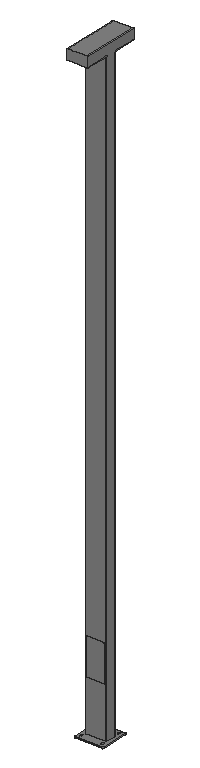
Revit family "Супремус В", category Осветительные приборы, Revit 2019 (continued)
Types (7, lengths in mm): name | Файл фотометрической сетки | built-in parameter 1150105 | Lumens | built-in parameter 1150106 | built-in parameter 1150142 | Wattage | L_общая рассеиватели | ADSK_Фактическая мощность | ADSK_Размер_Высота | ADSK_Номинальная мощность | ADSK_Наименование | ADSK_Масса_Текст | ADSK_Масса | ADSK_Артикул | 2
  ДТУ121с9 Светодиодный светильник Супремус-B ДТУ-121-AF-ДТУП1212(60Вт)-6,0 | "DTU-121-AF Supremus B 60W 60°x130°.ies" | 925.42 (stored number, unit not read) | 6600 lm | 9.2542 (stored number, unit not read) | "IESNA:LM-63-1995\r\n[TEST]\t\tALF\r\n[MANUFAC]\tALFRESCO\r\n[LUMCAT]\tDTU-121-AF\r\n[LUMINAIRE]\tDTU-121-AF Supremus B 60W 60°x130°\r\n[LAMP]\t\tOsram_Duris_S8\r\n[DATE]\t\t\r\n[OTHER]\t\t\r\nTILT=NONE\r\n1 7011.0 7.011 361 72 1 2 0.23 0.10 0.00\r\n1.0 1 57.0\r\n0.0 0.5 1.0 1.5 2.0 2.5 3.0 3.5 4.0 4.5 5.0 5.5 6.0 6.5 7.0 7.5 8.0 8.5 9.0 9.5 10.0 10.5 11.0 11.5 12.0 12.5 13.0 13.5 14.0 14.5\r\n 15.0 15.5 16.0 16.5 17.0 17.5 18.0 18.5 19.0 19.5 20.0 20.5 21.0 21.5 22.0 22.5 23.0 23.5 24.0 24.5 25.0 25.5 26.0 26.5 27.0 27.5\r\n 28.0 28.5 29.0 29.5 30.0 30.5 31.0 31.5 32.0 32.5 33.0 33.5 34.0 34.5 35.0 35.5 36.0 36.5 37.0 37.5 38.0 38.5 39.0 39.5 40.0 40.5\r\n 41.0 41.5 42.0 42.5 43.0 43.5 44.0 44.5 45.0 45.5 46.0 46.5 47.0 47.5 48.0 48.5 49.0 49.5 50.0 50.5 51.0 51.5 52.0 52.5 53.0 53.5\r\n 54.0 54.5 55.0 55.5 56.0 56.5 57.0 57.5 58.0 58.5 59.0 59.5 60.0 60.5 61.0 61.5 62.0 62.5 63.0 63.5 64.0 64.5 65.0 65.5 66.0 66.5\r\n 67.0 67.5 68.0 68.5 69.0 69.5 70.0 70.5 71.0 71.5 72.0 72.5 73.0 73.5 74.0 74.5 75.0 75.5 76.0 76.5 77.0 77.5 78.0 78.5 79.0 79.5\r\n 80.0 80.5 81.0 81.5 82.0 82.5 83.0 83.5 84.0 84.5 85.0 85.5 86.0 86.5 87.0 87.5 88.0 88.5 89.0 89.5 90.0 90.5 91.0 91.5 92.0 92.5\r\n 93.0 93.5 94.0 94.5 95.0 95.5 96.0 96.5 97.0 97.5 98.0 98.5 99.0 99.5 100.0 100.5 101.0 101.5 102.0 102.5 103.0 103.5 104.0 104.5\r\n 105.0 105.5 106.0 106.5 107.0 107.5 108.0 108.5 109.0 109.5 110.0 110.5 111.0 111.5 112.0 112.5 113.0 113.5 114.0 114.5 115.0\r\n 115.5 116.0 116.5 117.0 117.5 118.0 118.5 119.0 119.5 120.0 120.5 121.0 121.5 122.0 122.5 123.0 123.5 124.0 124.5 125.0 125.5\r\n 126.0 126.5 127.0 127.5 128.0 128.5 129.0 129.5 130.0 130.5 131.0 131.5 132.0 132.5 133.0 133.5 134.0 134.5 135.0 135.5 136.0\r\n 136.5 137.0 137.5 138.0 138.5 139.0 139.5 140.0 140.5 141.0 141.5 142.0 142.5 143.0 143.5 144.0 144.5 145.0 145.5 146.0 146.5\r\n 147.0 147.5 148.0 148.5 149.0 149.5 150.0 150.5 151.0 151.5 152.0 152.5 153.0 153.5 154.0 154.5 155.0 155.5 156.0 156.5 157.0\r\n 157.5 158.0 158.5 159.0 159.5 160.0 160.5 161.0 161.5 162.0 162.5 163.0 163.5 164.0 164.5 165.0 165.5 166.0 166.5 167.0 167.5\r\n 168.0 168.5 169.0 169.5 170.0 170.5 171.0 171.5 172.0 172.5 173.0 173.5 174.0 174.5 175.0 175.5 176.0 176.5 177.0 177.5 178.0\r\n 178.5 179.0 179.5 180.0\r\n0.0 5.0 10.0 15.0 20.0 25.0 30.0 35.0 40.0 45.0 50.0 55.0 60.0 65.0 70.0 75.0 80.0 85.0 90.0 95.0 100.0 105.0 110.0 115.0 120.0\r\n 125.0 130.0 135.0 140.0 145.0 150.0 155.0 160.0 165.0 170.0 175.0 180.0 185.0 190.0 195.0 200.0 205.0 210.0 215.0 220.0 225.0\r\n 230.0 235.0 240.0 245.0 250.0 255.0 260.0 265.0 270.0 275.0 280.0 285.0 290.0 295.0 300.0 305.0 310.0 315.0 320.0 325.0 330.0\r\n 335.0 340.0 345.0 350.0 355.0 360.0\r\n275.6 275.6 275.4 275.4 275.1 275.0 274.6 274.5 274.0 273.6 273.1 272.6 272.1 271.6 271.2 270.5 269.9 269.3 268.8 268.0 267.4\r\n 266.9 266.3 265.6 265.0 264.5 264.1 263.6 263.2 263.0 262.7 262.5 262.4 262.4 262.3 262.4 262.5 262.8 263.1 263.2 263.6 264.1\r\n 264.6 265.1 265.7 266.3 266.8 267.5 268.0 268.6 269.3 270.0 270.6 271.4 272.2 272.9 274.0 274.8 275.8 276.8 277.9 279.0 280.1\r\n 281.1 282.3 283.5 284.7 286.1 287.2 288.5 289.8 291.2 292.5 294.0 295.6 296.9 298.3 299.9 301.1 302.3 303.8 305.3 307.0 309.2\r\n 310.7 312.1 313.4 315.4 317.5 318.3 318.9 319.8 320.8 321.9 322.8 323.7 324.9 326.2 327.1 328.4 329.9 331.5 333.0 334.7 336.5\r\n 338.5 340.6 342.9 345.1 347.3 349.5 351.3 352.7 353.8 354.6 355.1 355.0 354.6 353.9 353.3 352.9 352.1 350.9 350.0 348.7 346.8\r\n 343.7 340.1 336.0 332.0 328.1 323.5 318.6 314.1 309.6 304.7 300.3 295.5 290.9 286.8 283.6 281.0 278.4 276.0 271.5 265.0 257.4\r\n 247.6 235.1 220.3 205.5 189.6 171.6 151.8 130.1 108.8 90.3 73.3 59.4 45.5 31.5 24.0 18.8 15.4 13.3 11.9 10.7 9.6 8.8 7.9 7.1 6.4\r\n 5.7 5.1 4.4 3.8 3.2 2.6 2.3 2.0 2.0 2.0 2.0 2.0 1.8 1.8 1.6 1.5 1.3 1.1 1.1 1.0 0.9 0.9 0.9 0.9 0.9 0.9 1.0 1.0 1.0 0.0 0.0 0.0\r\n 0.0 0.0 0.0 0.0 0.0 0.0 0.0 0.0 0.0 0.0 0.0 0.0 0.0 0.0 0.0 0.0 0.0 0.0 0.0 0.0 0.0 0.0 0.0 0.0 0.0 0.0 0.0 0.0 0.0 0.0 0.0 0.0\r\n 0.0 0.0 0.0 0.0 0.0 0.0 0.0 0.0 0.0 0.0 0.0 0.0 0.0 0.0 0.0 0.0 0.0 0.0 0.0 0.0 0.0 0.0 0.0 0.0 0.0 0.0 0.0 0.0 0.0 0.0 0.0 0.0\r\n 0.0 0.0 0.0 0.0 0.0 0.0 0.0 0.0 0.0 0.0 0.0 0.0 0.0 0.0 0.0 0.0 0.0 0.0 0.0 0.0 0.0 0.0 0.0 0.0 0.0 0.0 0.0 0.0 0.0 0.0 0.0 0.0\r\n 0.0 0.0 0.0 0.0 0.0 0.0 0.0 0.0 0.0 0.0 0.0 0.0 0.0 0.0 0.0 0.0 0.0 0.0 0.0 0.0 0.0 0.0 0.0 0.0 0.0 0.0 0.0 0.0 0.0 0.0 0.0 0.0\r\n 0.0 0.0 0.0 0.0 0.0 0.0 0.0 0.0 0.0 0.0 0.0 0.0 0.0 0.0 0.0 0.0 0.0 0.0 0.0 0.0 0.0 0.0 0.0 0.0 0.0 0.0 0.0 0.0 0.0\r\n275.6 275.8 276.0 276.1 276.0 276.0 276.0 275.8 275.6 275.4 275.2 275.0 274.6 274.4 274.0 273.7 273.1 272.7 272.5 272.2 271.6\r\n 271.3 270.9 270.4 270.1 269.8 269.6 269.5 269.4 269.3 269.3 269.3 269.5 269.6 269.9 270.2 270.3 270.5 271.1 271.7 272.2 272.8\r\n 273.5 274.2 274.8 275.5 276.2 276.9 277.6 278.4 279.1 279.8 280.4 281.3 282.1 283.0 284.0 284.8 285.9 287.0 288.1 289.3 290.2\r\n 291.4 292.5 294.0 295.3 296.4 297.8 299.2 300.5 301.9 303.5 305.3 306.9 308.6 310.5 312.2 314.0 316.1 318.2 320.4 322.7 325.4\r\n 327.9 330.2 332.3 335.0 337.3 338.6 339.9 341.3 342.8 344.4 345.3 346.3 347.8 349.5 351.3 353.4 355.6 358.0 360.0 362.1 364.4\r\n 366.6 368.9 371.0 373.3 375.5 377.8 379.6 381.5 382.8 383.9 384.9 385.4 385.3 385.1 385.1 384.7 384.1 382.7 381.0 378.8 376.3\r\n 373.0 368.5 363.7 358.7 353.8 348.2 342.3 336.7 330.6 324.5 319.0 314.1 310.2 306.7 304.3 302.4 300.6 298.2 293.4 286.7 277.8\r\n 266.5 251.9 234.3 216.2 198.9 180.1 159.7 138.7 117.6 96.5 78.5 62.9 47.8 36.5 28.1 21.8 17.8 15.1 13.2 11.7 10.5 9.5 8.6 7.6 6.8\r\n 6.1 5.5 4.9 4.5 4.0 3.5 3.0 2.5 2.3 2.2 2.0 1.9 1.7 1.6 1.5 1.4 1.2 1.0 1.0 0.9 0.8 0.8 0.8 0.9 0.9 0.9 0.9 0.9 1.0 0.0 0.0 0.0\r\n 0.0 0.0 0.0 0.0 0.0 0.0 0.0 0.0 0.0 0.0 0.0 0.0 0.0 0.0 0.0 0.0 0.0 0.0 0.0 0.0 0.0 0.0 0.0 0.0 0.0 0.0 0.0 0.0 0.0 0.0 0.0 0.0\r\n 0.0 0.0 0.0 0.0 0.0 0.0 0.0 0.0 0.0 0.0 0.0 0.0 0.0 0.0 0.0 0.0 0.0 0.0 0.0 0.0 0.0 0.0 0.0 0.0 0.0 0.0 0.0 0.0 0.0 0.0 0.0 0.0\r\n 0.0 0.0 0.0 0.0 0.0 0.0 0.0 0.0 0.0 0.0 0.0 0.0 0.0 0.0 0.0 0.0 0.0 0.0 0.0 0.0 0.0 0.0 0.0 0.0 0.0 0.0 0.0 0.0 0.0 0.0 0.0 0.0\r\n 0.0 0.0 0.0 0.0 0.0 0.0 0.0 0.0 0.0 0.0 0.0 0.0 0.0 0.0 0.0 0.0 0.0 0.0 0.0 0.0 0.0 0.0 0.0 0.0 0.0 0.0 0.0 0.0 0.0 0.0 0.0 0.0\r\n 0.0 0.0 0.0 0.0 0.0 0.0 0.0 0.0 0.0 0.0 0.0 0.0 0.0 0.0 0.0 0.0 0.0 0.0 0.0 0.0 0.0 0.0 0.0 0.0 0.0 0.0 0.0 0.0 0.0\r\n275.6 276.1 276.5 276.7 276.9 277.1 277.2 277.4 277.5 277.4 277.4 277.4 277.3 277.2 277.0 277.0 276.8 276.7 276.7 276.6 276.4\r\n 276.2 276.1 276.0 275.9 276.0 276.1 276.2 276.4 276.6 276.9 277.2 277.6 278.0 278.5 278.7 279.2 279.7 280.4 281.3 281.9 282.7\r\n 283.7 284.4 285.3 286.3 287.0 288.1 289.0 289.8 290.7 291.6 292.4 293.5 294.4 295.4 296.4 297.5 298.5 299.6 300.8 301.9 303.1\r\n 304.1 305.5 306.8 308.2 309.5 311.0 312.6 314.2 315.9 317.7 319.5 321.7 323.9 326.0 328.4 330.6 333.0 335.8 338.6 341.5 344.9\r\n 348.0 350.8 353.8 357.6 359.8 361.7 363.6 365.7 367.6 369.1 370.7 372.2 373.9 375.9 378.3 380.3 382.6 384.7 386.8 388.8 390.9\r\n 393.4 395.9 398.6 401.8 405.1 408.0 410.1 412.3 414.2 415.4 416.7 418.1 418.9 418.6 418.2 417.3 415.9 413.1 409.5 405.5 400.6\r\n 395.6 389.1 381.5 374.1 367.2 360.6 353.6 346.5 339.9 332.8 326.5 321.5 317.8 315.1 313.2 311.4 309.6 307.5 303.5 296.2 286.7\r\n 274.5 259.0 241.1 222.7 204.6 186.2 166.7 146.6 124.5 102.4 83.0 66.8 54.4 42.0 34.0 27.7 23.0 19.7 17.4 15.4 13.7 12.2 10.8 9.5\r\n 8.4 7.5 6.7 6.0 5.4 4.7 4.0 3.2 2.8 2.7 2.5 2.3 2.2 1.9 1.7 1.4 1.3 1.1 1.0 0.9 0.9 0.8 0.8 0.8 0.8 0.8 0.8 0.9 0.9 0.9 0.0 0.0\r\n 0.0 0.0 0.0 0.0 0.0 0.0 0.0 0.0 0.0 0.0 0.0 0.0 0.0 0.0 0.0 0.0 0.0 0.0 0.0 0.0 0.0 0.0 0.0 0.0 0.0 0.0 0.0 0.0 0.0 0.0 0.0 0.0\r\n 0.0 0.0 0.0 0.0 0.0 0.0 0.0 0.0 0.0 0.0 0.0 0.0 0.0 0.0 0.0 0.0 0.0 0.0 0.0 0.0 0.0 0.0 0.0 0.0 0.0 0.0 0.0 0.0 0.0 0.0 0.0 0.0\r\n 0.0 0.0 0.0 0.0 0.0 0.0 0.0 0.0 0.0 0.0 0.0 0.0 0.0 0.0 0.0 0.0 0.0 0.0 0.0 0.0 0.0 0.0 0.0 0.0 0.0 0.0 0.0 0.0 0.0 0.0 0.0 0.0\r\n 0.0 0.0 0.0 0.0 0.0 0.0 0.0 0.0 0.0 0.0 0.0 0.0 0.0 0.0 0.0 0.0 0.0 0.0 0.0 0.0 0.0 0.0 0.0 0.0 0.0 0.0 0.0 0.0 0.0 0.0 0.0 0.0\r\n 0.0 0.0 0.0 0.0 0.0 0.0 0.0 0.0 0.0 0.0 0.0 0.0 0.0 0.0 0.0 0.0 0.0 0.0 0.0 0.0 0.0 0.0 0.0 0.0 0.0 0.0 0.0 0.0 0.0 0.0\r\n275.6 276.3 276.8 277.3 277.7 278.4 278.7 279.0 279.3 279.6 279.8 280.0 280.2 280.4 280.6 280.6 280.9 281.1 281.3 281.5 281.7\r\n 281.7 282.0 282.2 282.4 282.8 283.3 283.5 284.0 284.6 285.2 285.8 286.4 287.0 287.5 288.1 288.9 289.7 290.6 291.5 292.4 293.5\r\n 294.5 295.7 296.8 298.0 299.1 300.1 301.3 302.4 303.6 304.8 306.0 306.9 308.0 309.1 310.2 311.3 312.6 313.7 314.9 315.9 317.0\r\n 318.3 319.5 320.8 322.5 324.0 325.7 327.5 329.4 331.3 333.5 335.8 338.3 341.0 343.7 346.8 349.9 352.9 356.0 359.2 362.4 365.5\r\n 369.0 372.3 375.2 379.1 381.7 383.3 385.5 387.7 389.9 392.0 394.2 396.4 399.0 402.0 404.7 407.5 410.5 413.1 415.5 418.2 420.7\r\n 423.2 425.5 427.8 430.1 433.0 435.6 437.9 439.5 441.0 442.1 442.9 443.2 443.5 443.3 442.0 439.9 436.6 432.7 427.8 422.8 416.7\r\n 409.6 401.5 392.6 382.9 372.3 362.7 353.2 344.9 336.4 327.6 319.6 313.1 308.1 304.8 301.6 298.0 295.3 293.3 290.2 285.5 278.1\r\n 268.9 257.0 241.8 225.0 207.5 190.2 174.2 157.5 137.7 117.8 98.0 80.6 66.7 54.7 44.5 36.9 30.9 26.3 23.0 20.5 18.1 16.0 14.2 12.7\r\n 11.3 10.1 8.9 7.9 6.8 5.8 5.0 4.4 3.7 3.2 2.8 2.6 2.3 2.0 1.8 1.6 1.3 1.1 0.9 0.9 0.8 0.7 0.7 0.7 0.7 0.8 0.8 0.8 0.8 0.8 0.0 0.0\r\n 0.0 0.0 0.0 0.0 0.0 0.0 0.0 0.0 0.0 0.0 0.0 0.0 0.0 0.0 0.0 0.0 0.0 0.0 0.0 0.0 0.0 0.0 0.0 0.0 0.0 0.0 0.0 0.0 0.0 0.0 0.0 0.0\r\n 0.0 0.0 0.0 0.0 0.0 0.0 0.0 0.0 0.0 0.0 0.0 0.0 0.0 0.0 0.0 0.0 0.0 0.0 0.0 0.0 0.0 0.0 0.0 0.0 0.0 0.0 0.0 0.0 0.0 0.0 0.0 0.0\r\n 0.0 0.0 0.0 0.0 0.0 0.0 0.0 0.0 0.0 0.0 0.0 0.0 0.0 0.0 0.0 0.0 0.0 0.0 0.0 0.0 0.0 0.0 0.0 0.0 0.0 0.0 0.0 0.0 0.0 0.0 0.0 0.0\r\n 0.0 0.0 0.0 0.0 0.0 0.0 0.0 0.0 0.0 0.0 0.0 0.0 0.0 0.0 0.0 0.0 0.0 0.0 0.0 0.0 0.0 0.0 0.0 0.0 0.0 0.0 0.0 0.0 0.0 0.0 0.0 0.0\r\n 0.0 0.0 0.0 0.0 0.0 0.0 0.0 0.0 0.0 0.0 0.0 0.0 0.0 0.0 0.0 0.0 0.0 0.0 0.0 0.0 0.0 0.0 0.0 0.0 0.0 0.0 0.0 0.0 0.0 0.0\r\n275.6 276.5 277.1 277.9 278.7 279.3 279.9 280.5 281.1 281.6 282.1 282.5 283.0 283.5 283.9 284.5 285.0 285.7 286.2 286.8 287.3\r\n 287.7 288.4 289.0 289.4 290.0 290.8 291.5 292.2 293.1 293.9 294.5 295.1 295.9 296.6 297.3 298.2 299.0 299.9 301.0 302.0 303.2\r\n 304.4 305.8 306.9 308.4 309.5 310.9 312.5 313.6 314.9 316.1 317.3 318.2 319.1 320.2 321.2 322.3 323.2 324.2 325.2 326.4 327.8\r\n 328.8 330.2 331.6 333.3 335.0 336.9 338.8 341.0 343.3 345.6 348.3 351.3 354.7 358.0 361.5 364.6 367.8 370.9 374.4 377.8 381.6\r\n 385.5 389.2 392.6 396.5 399.8 401.8 404.5 407.2 409.6 411.9 414.3 417.0 419.9 422.6 425.3 428.1 431.1 434.1 437.0 440.0 443.1\r\n 446.3 449.4 452.9 455.6 458.1 460.2 462.0 463.3 463.7 463.4 462.6 461.1 458.9 456.5 453.6 449.6 444.6 438.6 432.3 425.5 418.1\r\n 409.8 400.5 391.0 379.6 368.1 355.7 343.7 332.8 322.6 313.7 304.8 296.6 289.6 284.2 280.3 277.1 274.0 270.8 267.2 263.5 258.3\r\n 251.5 241.9 230.0 216.6 201.9 186.4 171.2 157.1 142.6 126.2 108.2 90.7 76.1 64.7 54.8 45.0 38.2 32.8 28.6 25.1 22.3 19.7 17.3\r\n 15.4 13.6 11.9 10.4 9.1 7.8 6.8 5.7 4.7 4.1 3.6 3.2 2.9 2.7 2.3 2.0 1.7 1.5 1.3 1.2 0.9 0.8 0.7 0.7 0.7 0.7 0.7 0.7 0.7 0.7 0.7\r\n 0.0 0.0 0.0 0.0 0.0 0.0 0.0 0.0 0.0 0.0 0.0 0.0 0.0 0.0 0.0 0.0 0.0 0.0 0.0 0.0 0.0 0.0 0.0 0.0 0.0 0.0 0.0 0.0 0.0 0.0 0.0 0.0\r\n 0.0 0.0 0.0 0.0 0.0 0.0 0.0 0.0 0.0 0.0 0.0 0.0 0.0 0.0 0.0 0.0 0.0 0.0 0.0 0.0 0.0 0.0 0.0 0.0 0.0 0.0 0.0 0.0 0.0 0.0 0.0 0.0\r\n 0.0 0.0 0.0 0.0 0.0 0.0 0.0 0.0 0.0 0.0 0.0 0.0 0.0 0.0 0.0 0.0 0.0 0.0 0.0 0.0 0.0 0.0 0.0 0.0 0.0 0.0 0.0 0.0 0.0 0.0 0.0 0.0\r\n 0.0 0.0 0.0 0.0 0.0 0.0 0.0 0.0 0.0 0.0 0.0 0.0 0.0 0.0 0.0 0.0 0.0 0.0 0.0 0.0 0.0 0.0 0.0 0.0 0.0 0.0 0.0 0.0 0.0 0.0 0.0 0.0\r\n 0.0 0.0 0.0 0.0 0.0 0.0 0.0 0.0 0.0 0.0 0.0 0.0 0.0 0.0 0.0 0.0 0.0 0.0 0.0 0.0 0.0 0.0 0.0 0.0 0.0 0.0 0.0 0.0 0.0 0.0 0.0 0.0\r\n275.6 276.8 277.7 278.6 279.6 280.4 281.3 282.3 283.0 283.9 284.7 285.5 286.3 287.1 288.0 288.9 289.8 290.8 291.8 292.5 293.3\r\n 294.1 294.9 295.9 296.6 297.5 298.2 299.1 299.9 300.9 301.7 302.5 303.2 304.0 304.8 305.6 306.5 307.3 308.3 309.4 310.5 311.6\r\n 313.1 314.2 315.5 316.7 318.1 319.2 320.7 321.9 323.1 324.3 325.3 326.3 327.4 328.3 329.1 330.1 330.9 332.0 333.0 334.1 335.5\r\n 336.7 338.1 339.5 341.2 342.8 344.8 347.1 349.4 351.9 354.6 357.6 360.8 364.0 367.0 370.3 373.8 377.5 381.5 385.2 388.9 392.5\r\n 396.3 399.9 403.7 407.6 411.2 414.3 417.3 420.5 423.1 425.7 428.1 430.6 433.8 436.9 440.2 443.8 447.1 450.6 454.2 457.3 460.4\r\n 463.4 465.7 468.6 471.4 474.0 476.3 477.9 479.0 479.3 477.8 474.9 471.3 466.5 461.7 456.5 450.4 444.2 438.4 431.7 423.9 415.8\r\n 407.8 398.9 388.6 377.5 366.1 354.0 342.0 330.3 318.1 306.5 295.8 285.8 276.5 267.0 258.7 251.0 244.9 239.2 233.6 228.2 222.4\r\n 215.5 207.3 198.4 188.9 178.9 169.1 159.2 148.6 135.9 123.3 110.6 96.7 82.9 71.7 62.1 53.2 45.6 39.2 34.1 30.0 26.5 23.4 20.8\r\n 18.3 15.7 13.8 12.1 10.7 9.4 8.0 7.0 6.2 5.1 4.2 3.5 3.2 3.0 2.6 2.2 2.0 1.8 1.6 1.4 1.2 1.1 0.9 0.7 0.6 0.6 0.6 0.6 0.6 0.7 0.7\r\n 0.0 0.0 0.0 0.0 0.0 0.0 0.0 0.0 0.0 0.0 0.0 0.0 0.0 0.0 0.0 0.0 0.0 0.0 0.0 0.0 0.0 0.0 0.0 0.0 0.0 0.0 0.0 0.0 0.0 0.0 0.0 0.0\r\n 0.0 0.0 0.0 0.0 0.0 0.0 0.0 0.0 0.0 0.0 0.0 0.0 0.0 0.0 0.0 0.0 0.0 0.0 0.0 0.0 0.0 0.0 0.0 0.0 0.0 0.0 0.0 0.0 0.0 0.0 0.0 0.0\r\n 0.0 0.0 0.0 0.0 0.0 0.0 0.0 0.0 0.0 0.0 0.0 0.0 0.0 0.0 0.0 0.0 0.0 0.0 0.0 0.0 0.0 0.0 0.0 0.0 0.0 0.0 0.0 0.0 0.0 0.0 0.0 0.0\r\n 0.0 0.0 0.0 0.0 0.0 0.0 0.0 0.0 0.0 0.0 0.0 0.0 0.0 0.0 0.0 0.0 0.0 0.0 0.0 0.0 0.0 0.0 0.0 0.0 0.0 0.0 0.0 0.0 0.0 0.0 0.0 0.0\r\n 0.0 0.0 0.0 0.0 0.0 0.0 0.0 0.0 0.0 0.0 0.0 0.0 0.0 0.0 0.0 0.0 0.0 0.0 0.0 0.0 0.0 0.0 0.0 0.0 0.0 0.0 0.0 0.0 0.0 0.0 0.0 0.0\r\n275.6 276.9 278.1 279.3 280.4 281.6 282.6 283.9 285.1 286.2 287.2 288.6 289.6 290.9 292.1 293.5 294.5 295.9 297.0 298.0 298.9\r\n 300.1 301.1 302.1 303.0 303.8 304.7 305.8 306.9 307.7 308.6 309.4 310.2 311.1 311.7 312.4 313.3 314.1 315.2 316.3 317.5 318.7\r\n 320.0 321.4 322.9 324.0 325.4 326.6 327.8 328.8 329.8 330.7 331.5 332.4 333.2 334.0 335.0 335.6 336.4 337.7 338.3 339.4 340.6\r\n 341.8 343.0 344.5 345.9 347.8 349.7 352.1 354.5 357.1 360.0 363.2 366.4 369.5 372.7 375.8 379.2 382.5 386.2 389.8 392.9 396.3\r\n 399.6 403.4 407.6 412.4 416.8 420.7 424.4 428.7 432.0 434.6 437.4 440.2 443.4 447.0 451.0 454.6 458.2 461.2 464.1 467.4 470.9\r\n 474.5 477.9 480.3 482.1 482.9 482.6 481.5 480.4 479.0 476.8 473.5 469.4 464.3 458.9 453.1 447.3 440.2 432.1 424.6 416.8 408.5\r\n 399.1 389.3 379.7 369.3 358.1 346.1 333.5 321.0 308.5 295.5 282.5 270.1 257.5 244.9 232.9 221.4 209.8 198.6 188.4 180.3 172.3\r\n 164.8 157.7 151.2 144.3 136.7 128.2 119.8 111.6 103.1 94.0 84.8 75.9 67.6 60.5 53.6 47.1 41.0 35.9 31.7 28.0 24.8 21.9 19.5 17.1\r\n 14.9 13.0 11.4 10.0 8.6 7.6 6.8 6.1 5.2 4.5 4.1 3.8 3.5 3.1 2.7 2.4 2.1 2.0 1.7 1.5 1.2 1.0 0.9 0.8 0.7 0.6 0.5 0.4 0.3 0.1 0.0\r\n 0.0 0.0 0.0 0.0 0.0 0.0 0.0 0.0 0.0 0.0 0.0 0.0 0.0 0.0 0.0 0.0 0.0 0.0 0.0 0.0 0.0 0.0 0.0 0.0 0.0 0.0 0.0 0.0 0.0 0.0 0.0 0.0\r\n 0.0 0.0 0.0 0.0 0.0 0.0 0.0 0.0 0.0 0.0 0.0 0.0 0.0 0.0 0.0 0.0 0.0 0.0 0.0 0.0 0.0 0.0 0.0 0.0 0.0 0.0 0.0 0.0 0.0 0.0 0.0 0.0\r\n 0.0 0.0 0.0 0.0 0.0 0.0 0.0 0.0 0.0 0.0 0.0 0.0 0.0 0.0 0.0 0.0 0.0 0.0 0.0 0.0 0.0 0.0 0.0 0.0 0.0 0.0 0.0 0.0 0.0 0.0 0.0 0.0\r\n 0.0 0.0 0.0 0.0 0.0 0.0 0.0 0.0 0.0 0.0 0.0 0.0 0.0 0.0 0.0 0.0 0.0 0.0 0.0 0.0 0.0 0.0 0.0 0.0 0.0 0.0 0.0 0.0 0.0 0.0 0.0 0.0\r\n 0.0 0.0 0.0 0.0 0.0 0.0 0.0 0.0 0.0 0.0 0.0 0.0 0.0 0.0 0.0 0.0 0.0 0.0 0.0 0.0 0.0 0.0 0.0 0.0 0.0 0.0 0.0 0.0 0.0 0.0 0.0\r\n275.6 277.0 278.4 279.8 281.3 282.5 284.0 285.3 286.9 288.4 289.8 291.3 293.1 294.4 296.1 297.6 299.3 300.6 301.8 303.1 304.3\r\n 305.4 306.5 307.7 308.6 309.5 310.5 311.6 312.7 313.5 314.2 315.0 316.1 317.0 318.0 319.1 320.3 321.4 322.7 323.3 324.3 325.4\r\n 326.1 327.0 327.9 328.9 330.0 330.9 332.0 332.9 333.5 334.5 335.4 335.9 336.5 337.4 338.2 339
